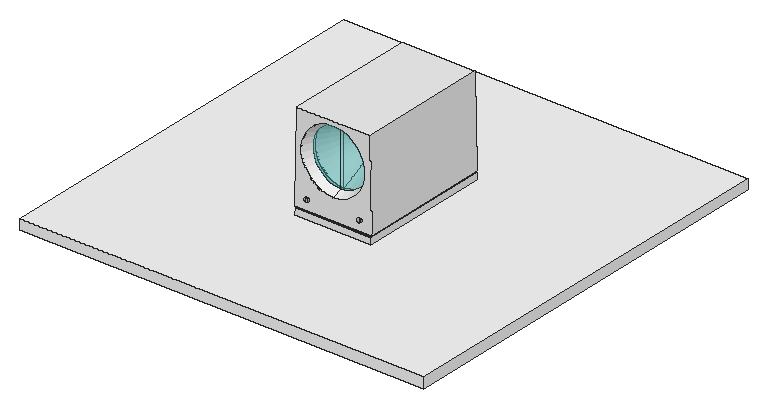
Revit family "BE_33579_de_DE", category Leuchten, Revit 2015
Parameters (values of type "BEGA_33579_Weiß_K4")
  built-in parameter 1150104 = 15.158 (stored number, unit not read)
  Wattage = 1.9 W
  Default Elevation = 0 mm
  built-in parameter 1150113 = 1 (stored number, unit not read)
  built-in parameter 1114218 = 1 (stored number, unit not read)
  Umgebungstemperatur = "25 °C"
  URL = "http://www.bega.de/produkt/33579"
  Typenkommentare = "© 2016 BEGA. Wir behalten uns das Recht vor, technische Änderungen ohne vorherige Ankündigung vorzunehmen."  # constant formula
  Type Image = 33579.png
  built-in parameter 1150134 = 12
  built-in parameter 1150109 = 1 (stored number, unit not read)
  Strom = ""
  built-in parameter 1150110 = 1 (stored number, unit not read)
  Spannung = 239.996 V
  Sonderanfertigung = no
  Seriennummer [instance] = "Hier können Sie die eindeutige Seriennummer für das Facility Management eintragen."
  Schutzklasse = "I"
  Schutzart = "IP 64"
  Scheinlast = 0 VA
  Produktdatenblatt = "http://www.bega.de/download/Xrfa/db/33579.db.de.pdf"
  Oberflächentemperatur = ""
  Neigungswinkel = 0.00°
  Modell = "33579WK4"
  Material_17 = BEGA_Reflektor
  Material_15 = BEGA_Leuchtmedium_matt
  Material_11 = BEGA_Glas_opal
  Material_09 = BEGA_Glas_klar
  Material_06 = BEGA_Oberfläche_Edelstahl_gebürstet
  Material_03 = BEGA_Oberfläche_Weiss_matt
  Material_02 = BEGA_Oberfläche_Silber_matt
  Material_01 [instance] = BEGA_Oberfläche_Grafit_matt
  M_W = yes
  M_G = no
  M_A = no
  Logo = 0
  built-in parameter 1114217 = 1 (stored number, unit not read)
  built-in parameter 1150139 = (empty or 0)
  built-in parameter 1150105 = 24.669 (stored number, unit not read)
  built-in parameter 1150114 = 1 (stored number, unit not read)
  Lumens = 310.004 lm
  built-in parameter 1150115 = 1 (stored number, unit not read)
  Leuchtenlichtstrom = "167 lm"
  Leuchtenanzahl = ""
  Lebensdauerkriterien = "L70 = 50.000 h"
  Lastklassifizierung = Beleuchtung
  built-in parameter 1150112 = 1 (stored number, unit not read)
  Lampenlichtstrom = "310 lm"
  Lampe = "LED 1.9 W"
  LED_Modulbezeichnung = "LED-0684/840 "
  built-in parameter 1150142 = (empty or 0)
  Hersteller = "BEGA"  # constant formula
  Halbstreuwinkel = ""
  Gewicht = "0.7 kg"
  Gebrauchslageneinschränkung [instance] = ""
  Frequenz = "0/50-60 Hz"
  Farbwiedergabeindex = "Ra > 80"
  Farbtemperaturverschiebung bei Dämpfen der Lampe = <Keine Auswahl>
  Farbtemperatur = "4000 K"
  Color Filter = 16777215
  built-in parameter 1150133 = 10 (stored number, unit not read)
  Energieeffizienzklasse = "LED A++ - A"
  built-in parameter 1150137 = (empty or 0)
  built-in parameter 1150132 = (empty or 0)
  ENEC = "ja"
  Dimmbar [instance] = ""
  Datei für fotometrisches Netz = "BE_33579K4.IES"
  CE_Konformität = "ja"
  Bestellnummer = "33579WK4"
  Beschreibung_Sonderanfertigung = "Hier können Sie Informationen zur Sonderanfertigung eintragen."
  Beschreibung = "Wandleuchte"
  built-in parameter 1150106 = 0.24669 (stored number, unit not read)
  Befestigungsbohrung = "Ø 4,3 mm"
  Befestigungsabstand = "50 mm"
  Ballwurfsicher = ""
  BEGA_Intern_aus = yes
  BEGA_Intern_an = yes
  BEGA_Intern_Konstruktion = yes
  BEGA_Intern = yes
  BEGA_IES = yes
  BEGA_Dummy = no
  Anschlussleitung = ""
  Anschlussleistung [instance] = "3.2 W"
  built-in parameter 1150107 = 4000 (stored number, unit not read)
  built-in parameter 1150102 = (empty or 0)
  built-in parameter 1150138 = (empty or 0)
  Aktualisierung = "2016-10-24T04:21:34"
  Abstand_zur_angestrahlten_Fläche [instance] = ""
  AC/DC = "AC/DC"
Types (6, lengths in mm): name | built-in parameter 1150104 | built-in parameter 1150134 | Modell | M_W | M_G | M_A | built-in parameter 1150105 | Lumens | Leuchtenlichtstrom | Lampenlichtstrom | LED_Modulbezeichnung | Farbtemperatur | Datei für fotometrisches Netz | Bestellnummer | built-in parameter 1150106 | built-in parameter 1150107
  BEGA_33579_Silber_K3 | 14.424 (stored number, unit not read) | (empty or 0) | "33579A" | no | no | yes | 23.475 (stored number, unit not read) | 294.994 lm | "157 lm" | "295 lm" | "LED-0684/830 " | "3000 K" | "BE_33579.IES" | "33579A" | 0.23475 (stored number, unit not read) | 3000 (stored number, unit not read)
  BEGA_33579_Silber_K4 | 15.158 (stored number, unit not read) | 12 | "33579AK4" | no | no | yes | 24.669 (stored number, unit not read) | 310.004 lm | "167 lm" | "310 lm" | "LED-0684/840 " | "4000 K" | "BE_33579K4.IES" | "33579AK4" | 0.24669 (stored number, unit not read) | 4000 (stored number, unit not read)
  BEGA_33579_Grafit_K3 | 14.424 (stored number, unit not read) | (empty or 0) | "33579" | no | yes | no | 23.475 (stored number, unit not read) | 294.994 lm | "157 lm" | "295 lm" | "LED-0684/830 " | "3000 K" | "BE_33579.IES" | "33579" | 0.23475 (stored number, unit not read) | 3000 (stored number, unit not read)
  BEGA_33579_Weiß_K3 | 14.424 (stored number, unit not read) | (empty or 0) | "33579W" | yes | no | no | 23.475 (stored number, unit not read) | 294.994 lm | "157 lm" | "295 lm" | "LED-0684/830 " | "3000 K" | "BE_33579.IES" | "33579W" | 0.23475 (stored number, unit not read) | 3000 (stored number, unit not read)
  BEGA_33579_Weiß_K4 | 15.158 (stored number, unit not read) | 12 | "33579WK4" | yes | no | no | 24.669 (stored number, unit not read) | 310.004 lm | "167 lm" | "310 lm" | "LED-0684/840 " | "4000 K" | "BE_33579K4.IES" | "33579WK4" | 0.24669 (stored number, unit not read) | 4000 (stored number, unit not read)
  BEGA_33579_Grafit_K4 | 15.158 (stored number, unit not read) | 12 | "33579K4" | no | yes | no | 24.669 (stored number, unit not read) | 310.004 lm | "167 lm" | "310 lm" | "LED-0684/840 " | "4000 K" | "BE_33579K4.IES" | "33579K4" | 0.24669 (stored number, unit not read) | 4000 (stored number, unit not read)
Reference planes
  plane 1 "Mitte (Vorne/Hinten)": y = 0
  plane 2: z = 0
  plane 3 "Mitte (Links/Rechts)": x = 0
  plane 4 "Links": x = -37.662
  plane 5 "Rechts": x = 37.662
  plane 6 "Unten": y = -62.662
  plane 7 "Oben": y = 67.662
  plane 8 "Vorne": z = 96
  plane 9 "Hinten": z = 0
Forms (mm)
  Extrusion 1, solid, material "BEGA_Platte_Weiss"
    sketch origin (0, -1119.2, 0) x (1, 0, 0) y (0, 1, 0)
      loop
        line (-200, 1319.2) -> (-200, 919.2) -> (200, 919.2) -> (200, 1319.2) -> (-200, 1319.2)
    from 0 to -10
  Extrusion 2, solid, material "BEGA_Dummy_matt", visible <- "BEGA_Dummy"
    sketch origin (80.095, -76.023, 0) x (1, 0, 0) y (0, 1, 0)
      loop
        line (-117.758, 143.685) -> (-117.758, 13.523) -> (-42.433, 13.523) -> (-42.433, 143.685) -> (-117.758, 143.685)
    from 0 to 96
Dimensions and locks
  plane 1 "Mitte (Vorne/Hinten)" to Extrusion 1 = 200 mm
  aligned and locked: plane 2 to Extrusion 1
  aligned and locked: level to Extrusion 1
Nested families
  nested 1: "BE_33579" at (0, 0, 0) x (0, -1, 0) z (0, 0, 1), type "BE_33579"
Connectors
  electrical at (0, 0, 0), driven by "Lastklassifizierung", driven by "Spannung", driven by "Scheinlast"
    settings: index 1, voltage 239.996 V, apparent load 0 VA, apparent load phase1 0 VA, apparent load phase2 0 VA, apparent load phase3 0 VA, power factor 1, load classification "Beleuchtung", number of poles 1, system type 31, power factor state 1, is connector primary yes, connector utility no, sub classification motor no, connector description ""
Definition of nested family "BE_33579"
  Parameters (values of type "BE_33579")
    Default Elevation = 1 mm
    URL = "http://www.bega.de/de/produkt"
    Type Comments = "© 2015 BEGA. Wir behalten uns das Recht vor, technische Änderungen ohne vorherige Ankündigung vorzunehmen. "  # constant formula
    Type Image = (empty or 0)
    Material_17 = none
    Material_15 = none
    Material_11 = none
    Material_09 = none
    Material_06 = none
    Material_03 = none
    Material_02 = none
    Material_01 = none
    M_W = yes
    M_G = yes
    M_A = yes
    Länge_Platte = 200 mm  # constant formula
    Höhe_Platte = -10 mm  # constant formula
    Manufacturer = "BEGA"  # constant formula
    Breite_Platte = 200 mm  # constant formula
  Reference planes
    plane 1 "Mitte (Oben/Unten)": y = 0
    plane 2: z = 0
    plane 3 "Mitte (Links/Rechts)": x = 0
    plane 4 "Vorne": z = 96
    plane 5 "Links": x = -67.662
    plane 6 "Oben": y = 37.662
    plane 7 "Unten": y = -37.662
    plane 8: x = 62.662
  Forms (mm)
    Extrusion 1, solid, detail levels medium
      sketch origin (0, 0, 0) x (1, 0, 0) y (0, 1, 0)
        loop
          line (-100, 100) -> (-100, -100) -> (100, -100) -> (100, 100) -> (-100, 100)
      from 0 to -10 <- "Höhe_Platte"
    Extrusion 2, solid, material <- "Material_01", visible <- "M_G", detail levels medium+fine
      sketch origin (0, 0, 0) x (1, 0, 0) y (0, 0, 1)
        loop
          line (-67.5, 96) -> (-67.5, 8) -> (-59.266, 8) -> (-59.266, 93.7) -> (53.573, 93.7) -> (53.573, 8) -> (62.5, 8) -> (62.5, 96) -> (-67.5, 96)
      from -37.662 to 37.662
    Extrusion 3, solid, material <- "Material_01", visible <- "M_G", detail levels medium+fine
      sketch origin (0, 0, 0) x (0, 1, 0) y (0, 0, 1)
        loop
          line (-37.662, 96) -> (-37.662, 8) -> (-34.581, 8) -> (-34.581, 96) -> (-37.662, 96)
        loop
          line (37.662, 96) -> (34.581, 96) -> (34.581, 8) -> (37.662, 8) -> (37.662, 96)
      from -67.5 to 62.5
    Sweep 4, solid, material <- "Material_01", visible <- "M_G", detail levels medium+fine
      path origin (0, 0, 0) x (1, 0, 0) y (0, 1, 0)
        loop
          line (-67.662, 37.662) -> (-67.662, -37.662) -> (62.662, -37.662) -> (62.662, 37.662) -> (-67.662, 37.662)
      profile origin (-67.662, 0, 0) x (1, 0, 0) y (0, 0, 1)
        loop
          line (0, 0) -> (6.648, 0) -> (6.962, 9) -> (30.453, 9) -> (30.453, 11.3) -> (4.31, 11.3) -> (1.01, 8) -> (1.01, 6.2) -> (0.162, 6.2) -> (0, 0)
    Extrusion 5, solid, material <- "Material_01", visible <- "M_G", detail levels medium+fine
      sketch origin (0, 0, 0) x (1, 0, 0) y (0, 1, 0)
        loop
          line (32.209, -7.209) -> (32.209, 7.209) -> (-37.209, 7.209) -> (-37.209, -7.209) -> (32.209, -7.209)
      from 9 to 11.3
    Revolve 6, void
      sketch origin (0, 0, 0) x (1, 0, 0) y (0, 0, 1)
        loop
          line (53.376, 87.9) -> (53.376, 60.141) -> (63.376, 60.141) -> (63.376, 92.352) -> (53.376, 87.9)
        axis (53.376, 60.141) -> (63.376, 60.141)
      angle from 0 to 360
    Revolve 7, solid, material <- "Material_06", detail levels fine
      sketch origin (0, -26, 0) x (1, 0, 0) y (0, 0, 1)
        loop
          line (63.4, 19.799) -> (51.161, 19.799) -> (49.161, 17.799) -> (63.4, 17.799) -> (63.4, 19.799)
        axis (49.161, 17.799) -> (63.4, 17.799)
      angle from 0 to 360
    Revolve 8, solid, material <- "Material_06", detail levels fine
      sketch origin (0, 26, 0) x (1, 0, 0) y (0, 0, -1)
        loop
          line (63.4, -19.799) -> (63.4, -17.799) -> (49.161, -17.799) -> (51.161, -19.799) -> (63.4, -19.799)
        axis (49.161, -17.799) -> (63.4, -17.799)
      angle from 0 to 360
    Revolve 9, solid, material <- "Material_17", detail levels medium+fine
      sketch origin (-9.918, 0, 0) x (-1, 0, 0) y (0, 0, 1)
        loop
          arc (-59.266, 88.278) -> (-43.405, 81.141) -> (-29.667, 70.475) r 73.453
          line (-29.667, 70.475) -> (-29.289, 65.072) -> (-28.495, 65.072) -> (-28.916, 71.095)
          arc (-28.916, 71.095) -> (-42.623, 81.743) -> (-58.445, 88.877) r 73.453
          line (-58.445, 88.877) -> (-58.445, 93.497) -> (-59.266, 93.497) -> (-59.266, 88.278)
        axis (-59.266, 59.9) -> (-28.495, 59.9)
      angle from 0 to 360
    Revolve 10, solid, material <- "Material_09", detail levels medium+fine
      sketch origin (0, 0, 0) x (1, 0, 0) y (0, 0, 1)
        loop
          line (53.284, 93.17) -> (49.348, 93.17) -> (49.348, 60.141) -> (53.284, 60.141) -> (53.284, 93.17)
        axis (49.348, 60.141) -> (53.284, 60.141)
      angle from 0 to 360
    Extrusion 11, void
      sketch origin (0, 0, 0) x (0, 1, 0) y (0, 0, 1)
        loop
          line (-31, 79.546) -> (-34.049, 79.546) -> (-34.049, 41) -> (-31, 41) -> (-31, 79.546)
      from 49.348 to 56.488
    Extrusion 12, void
      sketch origin (0, 0, 0) x (0, -1, 0) y (0, 0, -1)
        loop
          line (-31, -79.546) -> (-31, -41) -> (-34.049, -41) -> (-34.049, -79.546) -> (-31, -79.546)
      from 49.348 to 56.488
    Revolve 13, solid, material <- "Material_15", detail levels medium+fine
      sketch origin (0, 0, -0.132) x (1, 0, 0) y (0, 0, 1)
        loop
          line (16, 63.926) -> (15.185, 63.926) -> (15.185, 60.273) -> (16, 60.273) -> (16, 63.926)
        axis (15.185, 60.273) -> (16.185, 60.273)
      angle from 0 to 360
    Sweep 14, solid, material <- "Material_02", visible <- "M_A", detail levels medium+fine
      path origin (0, 0, 0) x (1, 0, 0) y (0, 1, 0)
        loop
          line (-67.662, 37.662) -> (-67.662, -37.662) -> (62.662, -37.662) -> (62.662, 37.662) -> (-67.662, 37.662)
      profile origin (-67.662, 0, 0) x (1, 0, 0) y (0, 0, 1)
        loop
          line (0, 0) -> (6.648, 0) -> (6.962, 9) -> (30.453, 9) -> (30.453, 11.3) -> (4.31, 11.3) -> (1.01, 8) -> (1.01, 6.2) -> (0.162, 6.2) -> (0, 0)
    Extrusion 15, solid, material <- "Material_02", visible <- "M_A", detail levels medium+fine
      sketch origin (0, 0, 0) x (1, 0, 0) y (0, 1, 0)
        loop
          line (32.209, -7.209) -> (32.209, 7.209) -> (-37.209, 7.209) -> (-37.209, -7.209) -> (32.209, -7.209)
      from 9 to 11.3
    Sweep 16, solid, material <- "Material_03", visible <- "M_W", detail levels medium+fine
      path origin (0, 0, 0) x (1, 0, 0) y (0, 1, 0)
        loop
          line (-67.662, 37.662) -> (-67.662, -37.662) -> (62.662, -37.662) -> (62.662, 37.662) -> (-67.662, 37.662)
      profile origin (-67.662, 0, 0) x (1, 0, 0) y (0, 0, 1)
        loop
          line (0, 0) -> (6.648, 0) -> (6.962, 9) -> (30.453, 9) -> (30.453, 11.3) -> (4.31, 11.3) -> (1.01, 8) -> (1.01, 6.2) -> (0.162, 6.2) -> (0, 0)
    Extrusion 17, solid, material <- "Material_03", visible <- "M_W", detail levels medium+fine
      sketch origin (0, 0, 0) x (1, 0, 0) y (0, 1, 0)
        loop
          line (32.209, -7.209) -> (32.209, 7.209) -> (-37.209, 7.209) -> (-37.209, -7.209) -> (32.209, -7.209)
      from 9 to 11.3
    Extrusion 18, solid, material <- "Material_02", visible <- "M_A", detail levels medium+fine
      sketch origin (0, 0, 0) x (1, 0, 0) y (0, 0, 1)
        loop
          line (-67.5, 96) -> (-67.5, 8) -> (-59.266, 8) -> (-59.266, 93.7) -> (53.573, 93.7) -> (53.573, 8) -> (62.5, 8) -> (62.5, 96) -> (-67.5, 96)
      from -37.662 to 37.662
    Extrusion 19, solid, material <- "Material_02", visible <- "M_A", detail levels medium+fine
      sketch origin (0, 0, 0) x (0, 1, 0) y (0, 0, 1)
        loop
          line (-37.662, 96) -> (-37.662, 8) -> (-34.581, 8) -> (-34.581, 96) -> (-37.662, 96)
        loop
          line (37.662, 96) -> (34.581, 96) -> (34.581, 8) -> (37.662, 8) -> (37.662, 96)
      from -67.5 to 62.5
    Extrusion 20, solid, material <- "Material_03", visible <- "M_W", detail levels medium+fine
      sketch origin (0, 0, 0) x (1, 0, 0) y (0, 0, 1)
        loop
          line (-67.5, 96) -> (-67.5, 8) -> (-59.266, 8) -> (-59.266, 93.7) -> (53.573, 93.7) -> (53.573, 8) -> (62.5, 8) -> (62.5, 96) -> (-67.5, 96)
      from -37.662 to 37.662
    Extrusion 21, solid, material <- "Material_03", visible <- "M_W", detail levels medium+fine
      sketch origin (0, 0, 0) x (0, 1, 0) y (0, 0, 1)
        loop
          line (-37.662, 96) -> (-37.662, 8) -> (-34.581, 8) -> (-34.581, 96) -> (-37.662, 96)
        loop
          line (37.662, 96) -> (34.581, 96) -> (34.581, 8) -> (37.662, 8) -> (37.662, 96)
      from -67.5 to 62.5
    Extrusion 22, void
      sketch origin (0, 0, 0) x (1, 0, 0) y (0, 1, 0)
        loop
          circle (0, 25) r 2.156
        loop
          circle (0, -25) r 2.156
        loop
          circle (-47, 18.5) r 8.5
        loop
          circle (-47, -18.5) r 8.5
      from 0 to 12.405
    Extrusion 23, void
      sketch origin (0, 0, 0) x (0, 1, 0) y (0, 0, 1)
        loop
          line (-37.662, 8) -> (-36.071, 99.148) -> (-37.662, 99.148) -> (-37.662, 8)
      from -69.5 to 65.4
    Extrusion 24, void
      sketch origin (0, 0, 0) x (0, -1, 0) y (0, 0, -1)
        loop
          line (-37.662, -8) -> (-37.662, -99.148) -> (-36.071, -99.148) -> (-37.662, -8)
      from -69.5 to 65.4
  Cuts and joins
    Revolve 6, Extrusion 11, Extrusion 12, Extrusion 22, Extrusion 23, Extrusion 24 cuts Extrusion 2
    Revolve 6, Extrusion 11, Extrusion 12, Extrusion 22, Extrusion 23, Extrusion 24 cuts Extrusion 3
    joined: Extrusion 2, Extrusion 3
    Extrusion 22 cuts Sweep 4
    Extrusion 22 cuts Extrusion 5
    joined: Sweep 4, Extrusion 5
    Extrusion 11, Extrusion 12 cuts Revolve 9
    Extrusion 11, Extrusion 12 cuts Revolve 10
    Extrusion 22 cuts Sweep 14
    Extrusion 22 cuts Extrusion 15
    joined: Sweep 14, Extrusion 15
    Extrusion 22 cuts Sweep 16
    Extrusion 22 cuts Extrusion 17
    joined: Sweep 16, Extrusion 17
    Revolve 6, Extrusion 22, Extrusion 23, Extrusion 24 cuts Extrusion 18
    Extrusion 22, Extrusion 23, Extrusion 24 cuts Extrusion 19
    joined: Extrusion 18, Extrusion 19
    Revolve 6, Extrusion 22, Extrusion 23, Extrusion 24 cuts Extrusion 20
    Extrusion 22, Extrusion 23, Extrusion 24 cuts Extrusion 21
    joined: Extrusion 20, Extrusion 21
  Dimensions and locks
    equal spacing: Extrusion 1 sketch curve, plane 3 "Mitte (Links/Rechts)", Extrusion 1 sketch curve
    equal spacing: Extrusion 1 sketch curve, plane 1 "Mitte (Oben/Unten)", Extrusion 1 sketch curve
    "Länge_Platte": Extrusion 1 sketch curve to Extrusion 1 sketch curve
    "Breite_Platte": Extrusion 1 sketch curve to Extrusion 1 sketch curve
    aligned and locked: Extrusion 1 to plane 2
    aligned and locked: level to Extrusion 1
  Automatic sketch dimensions
    plane 5 "Links" to Extrusion 2 sketch curve = 0.162 mm
    plane 5 "Links" to Extrusion 2 sketch curve = 8.396 mm
    level to Extrusion 2 sketch curve = 8 mm  (x2)
    Extrusion 2 sketch curve to Extrusion 2 sketch curve = 85.7 mm
    Extrusion 2 sketch curve to Extrusion 2 sketch curve = 2.3 mm
    plane 1 "Mitte (Oben/Unten)" to Extrusion 3 sketch curve = 37.662 mm
    Extrusion 3 sketch curve to Extrusion 3 sketch curve = 3.081 mm  (x2)
    Extrusion 3 sketch curve to plane 1 "Mitte (Oben/Unten)" = 34.581 mm
    level to Extrusion 3 sketch curve = 8 mm  (x2)
    Extrusion 3 sketch curve to Extrusion 3 sketch curve = 88 mm
    Extrusion 3 sketch curve to Extrusion 3 sketch curve = 0 mm
    Sweep 4 sketch curve to plane 5 "Links" = 0 mm
    plane 1 "Mitte (Oben/Unten)" to Sweep 4 sketch curve = 37.662 mm
    Sweep 4 sketch curve to plane 1 "Mitte (Oben/Unten)" = 37.662 mm
    Sweep 4 sketch curve to level = 0 mm
    profile plane to Sweep 4 sketch curve = 0 mm
    Sweep 4 sketch curve to profile plane = 0.162 mm
    Sweep 4 sketch curve to Sweep 4 sketch curve = 0.848 mm
    Sweep 4 sketch curve to profile plane = 4.31 mm
    Sweep 4 sketch curve to profile plane = 6.648 mm
    Sweep 4 sketch curve to Sweep 4 sketch curve = 2.652 mm
    level to Sweep 4 sketch curve = 9 mm
    Sweep 4 sketch curve to Sweep 4 sketch curve = 23.491 mm
    level to Sweep 4 sketch curve = 6.2 mm
    Sweep 4 sketch curve to Sweep 4 sketch curve = 1.8 mm
    Sweep 4 sketch curve to Sweep 4 sketch curve = 2.3 mm
    plane 1 "Mitte (Oben/Unten)" to Extrusion 5 sketch curve = 7.209 mm
    plane 5 "Links" to Extrusion 5 sketch curve = 30.453 mm
    Extrusion 5 sketch curve to plane 1 "Mitte (Oben/Unten)" = 7.209 mm
    plane 3 "Mitte (Links/Rechts)" to Extrusion 5 sketch curve = 32.209 mm
    level to Revolve 6 sketch curve = 60.141 mm
    Revolve 6 sketch curve to Revolve 6 sketch curve = 27.759 mm
    Revolve 6 sketch curve to Revolve 6 sketch curve = 4.452 mm
    Revolve 6 sketch curve to Revolve 6 sketch curve = 0 mm  (x3)
    Revolve 7 sketch curve to Revolve 7 sketch curve = 2 mm  (x2)
    level to Revolve 7 sketch curve = 17.799 mm
    Revolve 7 sketch curve to Revolve 7 sketch curve = 0 mm  (x3)
    Revolve 8 sketch curve to Revolve 8 sketch curve = 2 mm  (x2)
    level to Revolve 8 sketch curve = 19.799 mm
    Revolve 8 sketch curve to Revolve 8 sketch curve = 0 mm  (x3)
    Revolve 9 sketch curve to Revolve 9 sketch curve = 0.751 mm  (x2)
    Revolve 9 sketch curve to Revolve 9 sketch curve = 0.821 mm
    Revolve 9 sketch curve to plane 3 "Mitte (Links/Rechts)" = 19.749 mm
    Revolve 9 sketch curve to Revolve 9 sketch curve = 0.378 mm
    Revolve 9 sketch curve to Revolve 9 sketch curve = 0.794 mm
    Revolve 9 sketch curve to level = 18.197 mm
    Revolve 9 sketch curve to Revolve 9 sketch curve = 0.62 mm  (x2)
    Revolve 9 sketch curve to level = 65.072 mm
    Revolve 9 sketch curve to Revolve 9 sketch curve = 5.402 mm
    Revolve 9 sketch curve to Revolve 9 sketch curve = 4.621 mm
    Revolve 9 sketch curve to Revolve 9 sketch curve = 0.995 mm
    Revolve 9 sketch curve to Revolve 9 sketch curve = 28.378 mm
    Revolve 10 sketch curve to Revolve 10 sketch curve = 3.936 mm
    level to Revolve 10 sketch curve = 60.141 mm
    Revolve 10 sketch curve to Revolve 10 sketch curve = 33.029 mm
    Revolve 10 sketch curve to Revolve 10 sketch curve = 0 mm  (x3)
    plane 1 "Mitte (Oben/Unten)" to Extrusion 11 sketch curve = 34.049 mm
    Extrusion 11 sketch curve to Extrusion 11 sketch curve = 3.049 mm
    level to Extrusion 11 sketch curve = 41 mm
    Extrusion 11 sketch curve to Extrusion 11 sketch curve = 38.546 mm
    plane 1 "Mitte (Oben/Unten)" to Extrusion 12 sketch curve = 34.049 mm
    Extrusion 12 sketch curve to Extrusion 12 sketch curve = 3.049 mm
    Extrusion 12 sketch curve to level = 41 mm
    Extrusion 12 sketch curve to Extrusion 12 sketch curve = 38.546 mm
    plane 3 "Mitte (Links/Rechts)" to Revolve 13 sketch curve = 15.185 mm
    Revolve 13 sketch curve to Revolve 13 sketch curve = 0.815 mm
    level to Revolve 13 sketch curve = 60.141 mm
    Revolve 13 sketch curve to Revolve 13 sketch curve = 3.653 mm
    Revolve 13 sketch curve to Revolve 13 sketch curve = 0 mm  (x3)
    Sweep 14 sketch curve to plane 5 "Links" = 0 mm
    plane 1 "Mitte (Oben/Unten)" to Sweep 14 sketch curve = 37.662 mm
    Sweep 14 sketch curve to plane 1 "Mitte (Oben/Unten)" = 37.662 mm
    Sweep 14 sketch curve to level = 0 mm
    profile plane to Sweep 14 sketch curve = 0 mm
    Sweep 14 sketch curve to profile plane = 0.162 mm
    Sweep 14 sketch curve to Sweep 14 sketch curve = 0.848 mm
    Sweep 14 sketch curve to profile plane = 4.31 mm
    Sweep 14 sketch curve to profile plane = 6.648 mm
    Sweep 14 sketch curve to Sweep 14 sketch curve = 2.652 mm
    level to Sweep 14 sketch curve = 9 mm
    Sweep 14 sketch curve to Sweep 14 sketch curve = 23.491 mm
    level to Sweep 14 sketch curve = 6.2 mm
    Sweep 14 sketch curve to Sweep 14 sketch curve = 1.8 mm
    Sweep 14 sketch curve to Sweep 14 sketch curve = 2.3 mm
    plane 1 "Mitte (Oben/Unten)" to Extrusion 15 sketch curve = 7.209 mm
    plane 5 "Links" to Extrusion 15 sketch curve = 30.453 mm
    Extrusion 15 sketch curve to plane 1 "Mitte (Oben/Unten)" = 7.209 mm
    plane 3 "Mitte (Links/Rechts)" to Extrusion 15 sketch curve = 32.209 mm
    Sweep 16 sketch curve to plane 5 "Links" = 0 mm
    plane 1 "Mitte (Oben/Unten)" to Sweep 16 sketch curve = 37.662 mm
    Sweep 16 sketch curve to plane 1 "Mitte (Oben/Unten)" = 37.662 mm
    Sweep 16 sketch curve to level = 0 mm
    profile plane to Sweep 16 sketch curve = 0 mm
    Sweep 16 sketch curve to profile plane = 0.162 mm
    Sweep 16 sketch curve to Sweep 16 sketch curve = 0.848 mm
    Sweep 16 sketch curve to profile plane = 4.31 mm
    Sweep 16 sketch curve to profile plane = 6.648 mm
    Sweep 16 sketch curve to Sweep 16 sketch curve = 2.652 mm
    level to Sweep 16 sketch curve = 9 mm
    Sweep 16 sketch curve to Sweep 16 sketch curve = 23.491 mm
    level to Sweep 16 sketch curve = 6.2 mm
    Sweep 16 sketch curve to Sweep 16 sketch curve = 1.8 mm
    Sweep 16 sketch curve to Sweep 16 sketch curve = 2.3 mm
    plane 1 "Mitte (Oben/Unten)" to Extrusion 17 sketch curve = 7.209 mm
    plane 5 "Links" to Extrusion 17 sketch curve = 30.453 mm
    Extrusion 17 sketch curve to plane 1 "Mitte (Oben/Unten)" = 7.209 mm
    plane 3 "Mitte (Links/Rechts)" to Extrusion 17 sketch curve = 32.209 mm
    plane 5 "Links" to Extrusion 18 sketch curve = 0.162 mm
    plane 5 "Links" to Extrusion 18 sketch curve = 8.396 mm
    level to Extrusion 18 sketch curve = 8 mm  (x2)
    Extrusion 18 sketch curve to Extrusion 18 sketch curve = 85.7 mm
    Extrusion 18 sketch curve to Extrusion 18 sketch curve = 2.3 mm
    plane 1 "Mitte (Oben/Unten)" to Extrusion 19 sketch curve = 37.662 mm
    Extrusion 19 sketch curve to Extrusion 19 sketch curve = 3.081 mm  (x2)
    Extrusion 19 sketch curve to plane 1 "Mitte (Oben/Unten)" = 34.581 mm
    level to Extrusion 19 sketch curve = 8 mm  (x2)
    Extrusion 19 sketch curve to Extrusion 19 sketch curve = 88 mm
    Extrusion 19 sketch curve to Extrusion 19 sketch curve = 0 mm
    plane 5 "Links" to Extrusion 20 sketch curve = 0.162 mm
    plane 5 "Links" to Extrusion 20 sketch curve = 8.396 mm
    level to Extrusion 20 sketch curve = 8 mm  (x2)
    Extrusion 20 sketch curve to Extrusion 20 sketch curve = 85.7 mm
    Extrusion 20 sketch curve to Extrusion 20 sketch curve = 2.3 mm
    plane 1 "Mitte (Oben/Unten)" to Extrusion 21 sketch curve = 37.662 mm
    Extrusion 21 sketch curve to Extrusion 21 sketch curve = 3.081 mm  (x2)
    Extrusion 21 sketch curve to plane 1 "Mitte (Oben/Unten)" = 34.581 mm
    level to Extrusion 21 sketch curve = 8 mm  (x2)
    Extrusion 21 sketch curve to Extrusion 21 sketch curve = 88 mm
    Extrusion 21 sketch curve to Extrusion 21 sketch curve = 0 mm
    Extrusion 22 sketch curve to plane 3 "Mitte (Links/Rechts)" = 0 mm  (x2)
    plane 5 "Links" to Extrusion 22 sketch curve = 20.662 mm  (x2)
    plane 1 "Mitte (Oben/Unten)" to Extrusion 22 sketch curve = 25 mm
    plane 1 "Mitte (Oben/Unten)" to Extrusion 22 sketch curve = 18.5 mm
    Extrusion 22 sketch curve to plane 1 "Mitte (Oben/Unten)" = 18.5 mm
    Extrusion 22 sketch curve to plane 1 "Mitte (Oben/Unten)" = 25 mm
    plane 1 "Mitte (Oben/Unten)" to Extrusion 23 sketch curve = 37.662 mm
    Extrusion 23 sketch curve to Extrusion 23 sketch curve = 1.591 mm
    level to Extrusion 23 sketch curve = 8 mm
    Extrusion 23 sketch curve to Extrusion 23 sketch curve = 91.148 mm
    plane 1 "Mitte (Oben/Unten)" to Extrusion 24 sketch curve = 37.662 mm
    Extrusion 24 sketch curve to Extrusion 24 sketch curve = 1.591 mm
    Extrusion 24 sketch curve to level = 8 mm
    Extrusion 24 sketch curve to Extrusion 24 sketch curve = 91.148 mm
    plane 3 "Mitte (Links/Rechts)" to Extrusion 2 sketch curve = 53.573 mm
    Extrusion 2 sketch curve to Extrusion 2 sketch curve = 8.927 mm
    plane 3 "Mitte (Links/Rechts)" to Sweep 4 sketch curve = 62.662 mm
    plane 3 "Mitte (Links/Rechts)" to Revolve 6 sketch curve = 53.376 mm
    Revolve 6 sketch curve to Revolve 6 sketch curve = 10 mm
    plane 3 "Mitte (Links/Rechts)" to Revolve 7 sketch curve = 49.161 mm
    Revolve 7 sketch curve to Revolve 7 sketch curve = 12.239 mm
    plane 3 "Mitte (Links/Rechts)" to Revolve 8 sketch curve = 49.161 mm
    Revolve 8 sketch curve to Revolve 8 sketch curve = 12.239 mm
    Revolve 9 sketch curve to Revolve 9 sketch curve = 28.779 mm
    Revolve 9 sketch curve to Revolve 9 sketch curve = 53.015 mm
    Revolve 9 sketch curve to Revolve 9 sketch curve = 8.234 mm
    plane 3 "Mitte (Links/Rechts)" to Revolve 10 sketch curve = 49.348 mm
    plane 3 "Mitte (Links/Rechts)" to Sweep 14 sketch curve = 62.662 mm
    plane 3 "Mitte (Links/Rechts)" to Sweep 16 sketch curve = 62.662 mm
    plane 3 "Mitte (Links/Rechts)" to Extrusion 18 sketch curve = 53.573 mm
    Extrusion 18 sketch curve to Extrusion 18 sketch curve = 8.927 mm
    plane 3 "Mitte (Links/Rechts)" to Extrusion 20 sketch curve = 53.573 mm
    Extrusion 20 sketch curve to Extrusion 20 sketch curve = 8.927 mm
    radius of Extrusion 22 sketch curve = 2.156 mm  (x2)
    radius of Extrusion 22 sketch curve = 8.5 mm  (x2)
